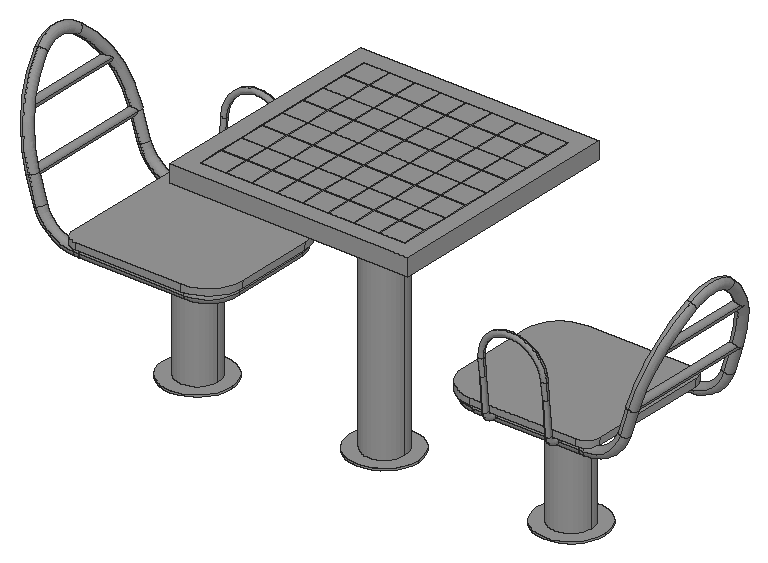
Revit family "12958 Комплект шахматный «Лудум-1» Хоббика", category Антураж, Revit 2018
Family settings
  На основе рабочей плоскости = Нет
  Всегда вертикально = Да
  При загрузке вырезать с полостями = Нет
  Источник визуального образа = Геометрия семейства
  Общий = Нет
  Точка расчета площади = Нет
Parameters (values of type "Комплект шахматный «Лудум-1»")
  Ширина = 700 mm  # constant formula
  Цвет отделки = Дерево
  Цвет основания = Сталь
  Описание = "Комплект шахматный «Лудум-1»"  # constant formula
  Материал изделия = "ФСФ, сталь"  # constant formula
  Изображение типоразмера = Комплект шахматный «Лудум-1» Арт 12958.jpg
  Изготовитель = "ООО «Хоббика»"  # constant formula
  Длина = 1956 mm  # constant formula
  Группа модели = "Садовые столы"  # constant formula
  Высота = 780 mm  # constant formula
  Артикул товара = "Арт. 12958"  # constant formula
  URL = "https://hobbyka.ru/product/komplekt_shakhmatnyy_ludum1"
Reference planes
  plane 1 "По центру (Вперед/Назад)": y = 0
  plane 2: z = 0
  plane 3 "По центру (Влево/Вправо)": x = 0
  plane 4: x = 1956
  plane 5: y = 700
  plane 6: z = 780
Forms (mm)
  Extrusion 1, solid, material "Сталь" <- "Цвет основания"
    sketch origin (0, 0, 0) x (1, 0, 0) y (0, 1, 0)
      loop
        circle (978, 350) r 60
    from 5 to 730
  Extrusion 2, solid, material "Сталь" <- "Цвет основания"
    sketch origin (0, 0, 0) x (1, 0, 0) y (0, 1, 0)
      loop
        circle (978, 350) r 100
    from 0 to 5
  Extrusion 3, solid, material "Дерево" <- "Цвет отделки"
    sketch origin (0, 0, 0) x (1, 0, 0) y (0, 1, 0)
      loop
        line (628, 700) -> (628, 0) -> (1328, 0) -> (1328, 700) -> (628, 700)
    from 730 to 780
  Extrusion 4, void
    sketch origin (0, 0, 0) x (1, 0, 0) y (0, 1, 0)
      loop
        line (678, 650) -> (678, 50) -> (1278, 50) -> (1278, 650) -> (678, 650)
    from 765 to 780
  Extrusion 5, solid, material "Белый"
    sketch origin (0, 0, 0) x (1, 0, 0) y (0, 1, 0)
      loop
        line (753, 650) -> (678, 650) -> (678, 575) -> (753, 575) -> (753, 650)
      loop
        line (903, 650) -> (828, 650) -> (828, 575) -> (903, 575) -> (903, 650)
      loop
        line (1053, 650) -> (978, 650) -> (978, 575) -> (1053, 575) -> (1053, 650)
      loop
        line (1203, 650) -> (1128, 650) -> (1128, 575) -> (1203, 575) -> (1203, 650)
      loop
        line (753, 500) -> (678, 500) -> (678, 425) -> (753, 425) -> (753, 500)
      loop
        line (903, 500) -> (828, 500) -> (828, 425) -> (903, 425) -> (903, 500)
      loop
        line (1053, 500) -> (978, 500) -> (978, 425) -> (1053, 425) -> (1053, 500)
      loop
        line (1203, 500) -> (1128, 500) -> (1128, 425) -> (1203, 425) -> (1203, 500)
      loop
        line (753, 350) -> (678, 350) -> (678, 275) -> (753, 275) -> (753, 350)
      loop
        line (903, 350) -> (828, 350) -> (828, 275) -> (903, 275) -> (903, 350)
      loop
        line (1053, 350) -> (978, 350) -> (978, 275) -> (1053, 275) -> (1053, 350)
      loop
        line (1203, 350) -> (1128, 350) -> (1128, 275) -> (1203, 275) -> (1203, 350)
      loop
        line (753, 200) -> (678, 200) -> (678, 125) -> (753, 125) -> (753, 200)
      loop
        line (903, 200) -> (828, 200) -> (828, 125) -> (903, 125) -> (903, 200)
      loop
        line (1053, 200) -> (978, 200) -> (978, 125) -> (1053, 125) -> (1053, 200)
      loop
        line (1203, 200) -> (1128, 200) -> (1128, 125) -> (1203, 125) -> (1203, 200)
    from 765 to 780
  Extrusion 6, solid, material "Белый"
    sketch origin (75, -75, 0) x (1, 0, 0) y (0, 1, 0)
      loop
        line (753, 650) -> (678, 650) -> (678, 575) -> (753, 575) -> (753, 650)
      loop
        line (903, 650) -> (828, 650) -> (828, 575) -> (903, 575) -> (903, 650)
      loop
        line (1053, 650) -> (978, 650) -> (978, 575) -> (1053, 575) -> (1053, 650)
      loop
        line (1203, 650) -> (1128, 650) -> (1128, 575) -> (1203, 575) -> (1203, 650)
      loop
        line (753, 500) -> (678, 500) -> (678, 425) -> (753, 425) -> (753, 500)
      loop
        line (903, 500) -> (828, 500) -> (828, 425) -> (903, 425) -> (903, 500)
      loop
        line (1053, 500) -> (978, 500) -> (978, 425) -> (1053, 425) -> (1053, 500)
      loop
        line (1203, 500) -> (1128, 500) -> (1128, 425) -> (1203, 425) -> (1203, 500)
      loop
        line (753, 350) -> (678, 350) -> (678, 275) -> (753, 275) -> (753, 350)
      loop
        line (903, 350) -> (828, 350) -> (828, 275) -> (903, 275) -> (903, 350)
      loop
        line (1053, 350) -> (978, 350) -> (978, 275) -> (1053, 275) -> (1053, 350)
      loop
        line (1203, 350) -> (1128, 350) -> (1128, 275) -> (1203, 275) -> (1203, 350)
      loop
        line (753, 200) -> (678, 200) -> (678, 125) -> (753, 125) -> (753, 200)
      loop
        line (903, 200) -> (828, 200) -> (828, 125) -> (903, 125) -> (903, 200)
      loop
        line (1053, 200) -> (978, 200) -> (978, 125) -> (1053, 125) -> (1053, 200)
      loop
        line (1203, 200) -> (1128, 200) -> (1128, 125) -> (1203, 125) -> (1203, 200)
    from 765 to 780
  Extrusion 7, solid, material "Черный"
    sketch origin (75, 0, 0) x (1, 0, 0) y (0, 1, 0)
      loop
        line (753, 650) -> (678, 650) -> (678, 575) -> (753, 575) -> (753, 650)
      loop
        line (903, 650) -> (828, 650) -> (828, 575) -> (903, 575) -> (903, 650)
      loop
        line (1053, 650) -> (978, 650) -> (978, 575) -> (1053, 575) -> (1053, 650)
      loop
        line (1203, 650) -> (1128, 650) -> (1128, 575) -> (1203, 575) -> (1203, 650)
      loop
        line (753, 500) -> (678, 500) -> (678, 425) -> (753, 425) -> (753, 500)
      loop
        line (903, 500) -> (828, 500) -> (828, 425) -> (903, 425) -> (903, 500)
      loop
        line (1053, 500) -> (978, 500) -> (978, 425) -> (1053, 425) -> (1053, 500)
      loop
        line (1203, 500) -> (1128, 500) -> (1128, 425) -> (1203, 425) -> (1203, 500)
      loop
        line (753, 350) -> (678, 350) -> (678, 275) -> (753, 275) -> (753, 350)
      loop
        line (903, 350) -> (828, 350) -> (828, 275) -> (903, 275) -> (903, 350)
      loop
        line (1053, 350) -> (978, 350) -> (978, 275) -> (1053, 275) -> (1053, 350)
      loop
        line (1203, 350) -> (1128, 350) -> (1128, 275) -> (1203, 275) -> (1203, 350)
      loop
        line (753, 200) -> (678, 200) -> (678, 125) -> (753, 125) -> (753, 200)
      loop
        line (903, 200) -> (828, 200) -> (828, 125) -> (903, 125) -> (903, 200)
      loop
        line (1053, 200) -> (978, 200) -> (978, 125) -> (1053, 125) -> (1053, 200)
      loop
        line (1203, 200) -> (1128, 200) -> (1128, 125) -> (1203, 125) -> (1203, 200)
    from 765 to 780
  Extrusion 8, solid, material "Черный"
    sketch origin (0, -75, 0) x (1, 0, 0) y (0, 1, 0)
      loop
        line (753, 650) -> (678, 650) -> (678, 575) -> (753, 575) -> (753, 650)
      loop
        line (903, 650) -> (828, 650) -> (828, 575) -> (903, 575) -> (903, 650)
      loop
        line (1053, 650) -> (978, 650) -> (978, 575) -> (1053, 575) -> (1053, 650)
      loop
        line (1203, 650) -> (1128, 650) -> (1128, 575) -> (1203, 575) -> (1203, 650)
      loop
        line (753, 500) -> (678, 500) -> (678, 425) -> (753, 425) -> (753, 500)
      loop
        line (903, 500) -> (828, 500) -> (828, 425) -> (903, 425) -> (903, 500)
      loop
        line (1053, 500) -> (978, 500) -> (978, 425) -> (1053, 425) -> (1053, 500)
      loop
        line (1203, 500) -> (1128, 500) -> (1128, 425) -> (1203, 425) -> (1203, 500)
      loop
        line (753, 350) -> (678, 350) -> (678, 275) -> (753, 275) -> (753, 350)
      loop
        line (903, 350) -> (828, 350) -> (828, 275) -> (903, 275) -> (903, 350)
      loop
        line (1053, 350) -> (978, 350) -> (978, 275) -> (1053, 275) -> (1053, 350)
      loop
        line (1203, 350) -> (1128, 350) -> (1128, 275) -> (1203, 275) -> (1203, 350)
      loop
        line (753, 200) -> (678, 200) -> (678, 125) -> (753, 125) -> (753, 200)
      loop
        line (903, 200) -> (828, 200) -> (828, 125) -> (903, 125) -> (903, 200)
      loop
        line (1053, 200) -> (978, 200) -> (978, 125) -> (1053, 125) -> (1053, 200)
      loop
        line (1203, 200) -> (1128, 200) -> (1128, 125) -> (1203, 125) -> (1203, 200)
    from 765 to 780
  Extrusion 9, solid, material "Сталь" <- "Цвет основания"
    sketch origin (115, 0, 0) x (1, 0, 0) y (0, 1, 0)
      loop
        circle (314, 350) r 60
    from 5 to 360
  Extrusion 10, solid, material "Дерево" <- "Цвет отделки"
    sketch origin (115, 0, 0) x (1, 0, 0) y (0, 1, 0)
      loop
        arc (128.548, 565) -> (100.264, 553.284) -> (88.548, 525) r 40
        line (88.548, 525) -> (88.548, 175)
        arc (88.548, 175) -> (100.264, 146.716) -> (128.548, 135) r 40
        line (128.548, 135) -> (438.548, 135)
        arc (438.548, 135) -> (509.259, 164.289) -> (538.548, 235) r 100
        line (538.548, 235) -> (538.548, 465)
        arc (538.548, 465) -> (509.259, 535.711) -> (438.548, 565) r 100
        line (438.548, 565) -> (128.548, 565)
    from 360 to 379
  Sweep 11, solid, material "Сталь" <- "Цвет основания"
    path origin (115, 0, 0) x (1, 0, 0) y (0, 1, 0)
      loop
        line (128.548, 160) -> (438.548, 160)
        arc (438.548, 160) -> (491.581, 181.967) -> (513.548, 235) r 75
        line (513.548, 235) -> (513.548, 465)
        arc (513.548, 465) -> (491.581, 518.033) -> (438.548, 540) r 75
        line (438.548, 540) -> (128.548, 540)
    profile origin (398.548, 540, 0) x (0, -1, 0) y (0, 0, 1)
      loop
        circle (0, 345) r 15
  Sweep 12, solid, material "Сталь" <- "Цвет основания"
    path origin (115, 0, 0) x (1, 0, 0) y (0, 0, 1)
      loop
        line (128.548, 360) -> (114.515, 360)
        arc (114.515, 360) -> (55.033, 379.614) -> (18.885, 430.763) r 100
        line (18.885, 430.763) -> (-4.148, 506.1)
    profile origin (236.532, 0, 360) x (0, 0, -1) y (0, -1, 0)
      loop
        circle (15, -160) r 15
      loop
        circle (15, -540) r 15
  Sweep 13, solid, material "Сталь" <- "Цвет основания"
    path origin (269.492, 0, 15.681) x (0, 1, 0) y (-0.292372, 0, 0.956305)
      loop
        arc (555, 515.372) -> (520.745, 662.79) -> (425, 780) r 334.338
        arc (425, 780) -> (350, 805.586) -> (275, 780) r 122.715
        arc (275, 780) -> (179.255, 662.79) -> (145, 515.372) r 334.338
    profile origin (33.961, 350, 786.067) x (0.292372, 0, -0.956305) y (0.956305, 0, 0.292372)
      loop
        circle (15, -23.324) r 15
  Extrusion 14, solid, material "Сталь" <- "Цвет основания"
    sketch origin (115, 0, 0) x (1, 0, 0) y (0, 1, 0)
      loop
        circle (314, 350) r 60
    from 5 to 360
  Extrusion 15, solid, material "Сталь" <- "Цвет основания"
    sketch origin (115, 0, 0) x (1, 0, 0) y (0, 1, 0)
      loop
        circle (314, 350) r 100
    from 0 to 5
  Extrusion 16, solid, material "Сталь" <- "Цвет основания"
    sketch origin (0, 0, 0) x (1, 0, 0) y (0, 0, 1)
      loop
        circle (96.507, 501.715) r 12
    from -160.401 to -541.33
  Extrusion 17, solid, material "Сталь" <- "Цвет основания"
    sketch origin (0, 0, 0) x (1, 0, 0) y (0, 0, 1)
      loop
        circle (52.651, 645.16) r 12
    from -200 to -500
  Sweep 18, solid, material "Сталь" <- "Цвет основания"
    path origin (0, 0, 0) x (0, 1, 0) y (0, 0, 1)
      loop
        line (554.266, 360) -> (564.404, 360)
        arc (564.404, 360) -> (577.915, 365.254) -> (584.328, 378.257) r 20
        line (584.328, 378.257) -> (593.043, 477.876)
    profile origin (0, 559.335, 360) x (0, 0, 1) y (1, 0, 0)
      loop
        circle (-7.5, 303.548) r 7.5
      loop
        circle (-7.5, 488.548) r 7.5
  Sweep 19, solid, material "Сталь" <- "Цвет основания"
    path origin (0, -39.251, 54.805) x (1, 0, 0) y (0, 0.087156, 0.996195)
      loop
        line (303.548, 476.569) -> (303.548, 526.569)
        arc (303.548, 526.569) -> (396.048, 619.069) -> (488.548, 526.569) r 92.5
        line (488.548, 526.569) -> (488.548, 476.569)
    profile origin (303.548, 4.464, 554.466) x (-1, 0, 0) y (0, -0.996195, 0.087156)
      loop
        circle (0, -600.515) r 7.5
  Extrusion 20, solid, material "Сталь" <- "Цвет основания"
    sketch origin (1841, 700, 0) x (-1, 0, 0) y (0, -1, 0)
      loop
        circle (314, 350) r 60
    from 5 to 360
  Extrusion 21, solid, material "Дерево" <- "Цвет отделки"
    sketch origin (1841, 700, 0) x (-1, 0, 0) y (0, -1, 0)
      loop
        arc (128.548, 565) -> (100.264, 553.284) -> (88.548, 525) r 40
        line (88.548, 525) -> (88.548, 175)
        arc (88.548, 175) -> (100.264, 146.716) -> (128.548, 135) r 40
        line (128.548, 135) -> (438.548, 135)
        arc (438.548, 135) -> (509.259, 164.289) -> (538.548, 235) r 100
        line (538.548, 235) -> (538.548, 465)
        arc (538.548, 465) -> (509.259, 535.711) -> (438.548, 565) r 100
        line (438.548, 565) -> (128.548, 565)
    from 360 to 379
  Sweep 22, solid, material "Сталь" <- "Цвет основания"
    path origin (1841, 700, 0) x (-1, 0, 0) y (0, -1, 0)
      loop
        line (128.548, 160) -> (438.548, 160)
        arc (438.548, 160) -> (491.581, 181.967) -> (513.548, 235) r 75
        line (513.548, 235) -> (513.548, 465)
        arc (513.548, 465) -> (491.581, 518.033) -> (438.548, 540) r 75
        line (438.548, 540) -> (128.548, 540)
    profile origin (1557.452, 160, 0) x (0, 1, 0) y (0, 0, 1)
      loop
        circle (0, 345) r 15
  Sweep 23, solid, material "Сталь" <- "Цвет основания"
    path origin (1841, 700, 0) x (-1, 0, 0) y (0, 0, 1)
      loop
        line (128.548, 360) -> (114.515, 360)
        arc (114.515, 360) -> (55.033, 379.614) -> (18.885, 430.763) r 100
        line (18.885, 430.763) -> (-4.148, 506.1)
    profile origin (1719.468, 700, 360) x (0, 0, -1) y (0, 1, 0)
      loop
        circle (15, -160) r 15
      loop
        circle (15, -540) r 15
  Sweep 24, solid, material "Сталь" <- "Цвет основания"
    path origin (1686.508, 700, 15.681) x (0, -1, 0) y (0.292372, 0, 0.956305)
      loop
        arc (555, 515.372) -> (520.745, 662.79) -> (425, 780) r 334.338
        arc (425, 780) -> (350, 805.586) -> (275, 780) r 122.715
        arc (275, 780) -> (179.255, 662.79) -> (145, 515.372) r 334.338
    profile origin (1922.039, 350, 786.067) x (-0.292372, 0, -0.956305) y (-0.956305, 0, 0.292372)
      loop
        circle (15, -23.324) r 15
  Extrusion 25, solid, material "Сталь" <- "Цвет основания"
    sketch origin (1841, 700, 0) x (-1, 0, 0) y (0, -1, 0)
      loop
        circle (314, 350) r 60
    from 5 to 360
  Extrusion 26, solid, material "Сталь" <- "Цвет основания"
    sketch origin (1841, 700, 0) x (-1, 0, 0) y (0, -1, 0)
      loop
        circle (314, 350) r 100
    from 0 to 5
  Extrusion 27, solid, material "Сталь" <- "Цвет основания"
    sketch origin (1956, 700, 0) x (-1, 0, 0) y (0, 0, 1)
      loop
        circle (96.507, 501.715) r 12
    from -160.401 to -541.33
  Extrusion 28, solid, material "Сталь" <- "Цвет основания"
    sketch origin (1956, 700, 0) x (-1, 0, 0) y (0, 0, 1)
      loop
        circle (52.651, 645.16) r 12
    from -200 to -500
  Sweep 29, solid, material "Сталь" <- "Цвет основания"
    path origin (1956, 700, 0) x (0, -1, 0) y (0, 0, 1)
      loop
        line (554.266, 360) -> (564.404, 360)
        arc (564.404, 360) -> (577.915, 365.254) -> (584.328, 378.257) r 20
        line (584.328, 378.257) -> (593.043, 477.876)
    profile origin (1956, 140.665, 360) x (0, 0, 1) y (-1, 0, 0)
      loop
        circle (-7.5, 303.548) r 7.5
      loop
        circle (-7.5, 488.548) r 7.5
  Sweep 30, solid, material "Сталь" <- "Цвет основания"
    path origin (1956, 739.251, 54.805) x (-1, 0, 0) y (0, -0.087156, 0.996195)
      loop
        line (303.548, 476.569) -> (303.548, 526.569)
        arc (303.548, 526.569) -> (396.048, 619.069) -> (488.548, 526.569) r 92.5
        line (488.548, 526.569) -> (488.548, 476.569)
    profile origin (1652.452, 695.536, 554.466) x (1, 0, 0) y (0, 0.996195, 0.087156)
      loop
        circle (0, -600.515) r 7.5
Cuts and joins
  Extrusion 4 cuts Extrusion 1
  Extrusion 4 cuts Extrusion 2
  Extrusion 4 cuts Extrusion 3
  joined: Sweep 12, Sweep 13, Extrusion 16, Extrusion 17
  joined: Sweep 18, Sweep 19
Dimensions and locks
  "Длина": plane 3 "По центру (Влево/Вправо)" to plane 4
  "Ширина": plane 5 to plane 1 "По центру (Вперед/Назад)"
  "Высота": plane 6 to plane 2
  aligned and locked: level to plane 2
Automatic sketch dimensions
  Extrusion 1 sketch curve to plane 1 "По центру (Вперед/Назад)" = 350 mm
  plane 3 "По центру (Влево/Вправо)" to Extrusion 1 sketch curve = 978 mm
  Extrusion 2 sketch curve to plane 1 "По центру (Вперед/Назад)" = 350 mm
  plane 3 "По центру (Влево/Вправо)" to Extrusion 2 sketch curve = 978 mm
  Extrusion 3 sketch curve to plane 5 = 0 mm
  plane 1 "По центру (Вперед/Назад)" to Extrusion 3 sketch curve = 0 mm
  plane 3 "По центру (Влево/Вправо)" to Extrusion 3 sketch curve = 628 mm
  Extrusion 3 sketch curve to plane 4 = 628 mm
  Extrusion 4 sketch curve to plane 5 = 50 mm
  plane 3 "По центру (Влево/Вправо)" to Extrusion 4 sketch curve = 678 mm
  Extrusion 4 sketch curve to plane 1 "По центру (Вперед/Назад)" = 50 mm
  Extrusion 4 sketch curve to Extrusion 4 sketch curve = 600 mm
  Extrusion 5 sketch curve to plane 5 = 200 mm  (x2)
  plane 3 "По центру (Влево/Вправо)" to Extrusion 5 sketch curve = 678 mm
  Extrusion 5 sketch curve to plane 5 = 50 mm  (x4)
  Extrusion 5 sketch curve to Extrusion 5 sketch curve = 0 mm  (x16)
  Extrusion 5 sketch curve to Extrusion 5 sketch curve = 75 mm  (x41)
  Extrusion 6 sketch curve to plane 5 = 275 mm
  plane 3 "По центру (Влево/Вправо)" to Extrusion 6 sketch curve = 753 mm
  Extrusion 6 sketch curve to Extrusion 6 sketch curve = 0 mm  (x10)
  Extrusion 6 sketch curve to plane 1 "По центру (Вперед/Назад)" = 50 mm  (x4)
  Extrusion 6 sketch curve to Extrusion 6 sketch curve = 75 mm  (x48)
  Extrusion 7 sketch curve to plane 5 = 200 mm  (x2)
  plane 3 "По центру (Влево/Вправо)" to Extrusion 7 sketch curve = 753 mm
  Extrusion 7 sketch curve to plane 5 = 50 mm  (x4)
  Extrusion 7 sketch curve to Extrusion 7 sketch curve = 0 mm  (x15)
  Extrusion 7 sketch curve to Extrusion 7 sketch curve = 75 mm  (x42)
  Extrusion 8 sketch curve to plane 5 = 275 mm
  plane 3 "По центру (Влево/Вправо)" to Extrusion 8 sketch curve = 678 mm
  Extrusion 8 sketch curve to Extrusion 8 sketch curve = 0 mm  (x10)
  Extrusion 8 sketch curve to plane 1 "По центру (Вперед/Назад)" = 50 mm  (x4)
  Extrusion 8 sketch curve to Extrusion 8 sketch curve = 75 mm  (x48)
  plane 3 "По центру (Влево/Вправо)" to Extrusion 9 sketch curve = 429 mm
  Extrusion 9 sketch curve to plane 1 "По центру (Вперед/Назад)" = 350 mm
  plane 3 "По центру (Влево/Вправо)" to Extrusion 10 sketch curve = 203.548 mm
  Extrusion 10 sketch curve to Extrusion 10 sketch curve = 40 mm  (x2)
  Extrusion 10 sketch curve to plane 5 = 135 mm
  Extrusion 10 sketch curve to Extrusion 10 sketch curve = 310 mm  (x2)
  Extrusion 10 sketch curve to plane 1 "По центру (Вперед/Назад)" = 135 mm
  Extrusion 10 sketch curve to Extrusion 10 sketch curve = 100 mm
  plane 3 "По центру (Влево/Вправо)" to Sweep 11 sketch curve = 553.548 mm
  Sweep 11 sketch curve to Sweep 11 sketch curve = 0 mm
  Sweep 11 sketch curve to Sweep 11 sketch curve = 75 mm
  Sweep 11 sketch curve to plane 1 "По центру (Вперед/Назад)" = 160 mm
  Sweep 11 sketch curve to Sweep 11 sketch curve = 230 mm
  plane 3 "По центру (Влево/Вправо)" to Sweep 11 sketch curve = 243.548 mm  (x2)
  Sweep 11 sketch curve to profile plane = 0 mm
  level to Sweep 11 sketch curve = 345 mm
  plane 3 "По центру (Влево/Вправо)" to Sweep 12 sketch curve = 133.885 mm
  Sweep 12 sketch curve to Sweep 12 sketch curve = 95.63 mm
  level to Sweep 12 sketch curve = 360 mm
  Sweep 12 sketch curve to Sweep 12 sketch curve = 70.763 mm
  Sweep 12 sketch curve to Sweep 12 sketch curve = 23.033 mm
  Sweep 12 sketch curve to Sweep 12 sketch curve = 14.033 mm
  Sweep 12 sketch curve to Sweep 12 sketch curve = 75.337 mm
  Sweep 12 sketch curve to Sweep 12 sketch curve = 0 mm  (x4)
  Sweep 12 sketch curve to profile plane = 15 mm  (x2)
  Sweep 12 sketch curve to plane 1 "По центру (Вперед/Назад)" = 540 mm
  Sweep 12 sketch curve to plane 1 "По центру (Вперед/Назад)" = 160 mm
  Sweep 12 sketch curve to Sweep 12 sketch curve = 15 mm  (x2)
  Sweep 13 sketch curve to plane 1 "По центру (Вперед/Назад)" = 220.662 mm
  Sweep 13 sketch curve to Sweep 13 sketch curve = 129.338 mm  (x2)
  Sweep 13 sketch curve to Sweep 13 sketch curve = 0 mm  (x3)
  Sweep 13 sketch curve to Sweep 13 sketch curve = 167.499 mm
  Sweep 13 sketch curve to Sweep 13 sketch curve = 75.662 mm
  Sweep 13 sketch curve to profile plane = 15 mm
  Sweep 13 sketch curve to profile plane = 23.324 mm
  plane 3 "По центру (Влево/Вправо)" to Extrusion 14 sketch curve = 429 mm
  Extrusion 14 sketch curve to plane 1 "По центру (Вперед/Назад)" = 350 mm
  plane 3 "По центру (Влево/Вправо)" to Extrusion 15 sketch curve = 429 mm
  Extrusion 15 sketch curve to plane 1 "По центру (Вперед/Назад)" = 350 mm
  plane 3 "По центру (Влево/Вправо)" to Extrusion 16 sketch curve = 96.507 mm
  Extrusion 16 sketch curve to plane 6 = 278.285 mm
  plane 3 "По центру (Влево/Вправо)" to Extrusion 17 sketch curve = 52.651 mm
  Extrusion 17 sketch curve to plane 6 = 134.84 mm
  profile plane to Sweep 18 sketch curve = 7.5 mm  (x2)
  plane 3 "По центру (Влево/Вправо)" to Sweep 18 sketch curve = 303.548 mm
  Sweep 18 sketch curve to Sweep 18 sketch curve = 185 mm
  level to Sweep 18 sketch curve = 360 mm
  Sweep 18 sketch curve to Sweep 18 sketch curve = 18.257 mm
  Sweep 18 sketch curve to plane 5 = 135.596 mm
  Sweep 18 sketch curve to Sweep 18 sketch curve = 19.924 mm
  Sweep 18 sketch curve to Sweep 18 sketch curve = 10.138 mm
  Sweep 18 sketch curve to plane 5 = 106.957 mm
  Sweep 18 sketch curve to Sweep 18 sketch curve = 99.619 mm
  plane 3 "По центру (Влево/Вправо)" to Sweep 19 sketch curve = 303.548 mm
  Sweep 19 sketch curve to Sweep 19 sketch curve = 92.5 mm
  Sweep 19 sketch curve to Sweep 19 sketch curve = 50 mm  (x2)
  Sweep 19 sketch curve to profile plane = 0 mm
  Sweep 19 sketch curve to profile plane = 600.515 mm
  Extrusion 20 sketch curve to plane 4 = 429 mm
  Extrusion 20 sketch curve to plane 1 "По центру (Вперед/Назад)" = 350 mm
  Extrusion 21 sketch curve to plane 4 = 203.548 mm
  Extrusion 21 sketch curve to Extrusion 21 sketch curve = 40 mm  (x2)
  Extrusion 21 sketch curve to plane 1 "По центру (Вперед/Назад)" = 135 mm
  Extrusion 21 sketch curve to Extrusion 21 sketch curve = 310 mm  (x2)
  Extrusion 21 sketch curve to plane 5 = 135 mm
  Extrusion 21 sketch curve to Extrusion 21 sketch curve = 100 mm
  Sweep 22 sketch curve to plane 4 = 553.548 mm
  Sweep 22 sketch curve to Sweep 22 sketch curve = 0 mm
  Sweep 22 sketch curve to Sweep 22 sketch curve = 75 mm
  Sweep 22 sketch curve to plane 5 = 160 mm
  Sweep 22 sketch curve to Sweep 22 sketch curve = 230 mm
  Sweep 22 sketch curve to plane 4 = 243.548 mm  (x2)
  Sweep 22 sketch curve to profile plane = 0 mm
  level to Sweep 22 sketch curve = 345 mm
  Sweep 23 sketch curve to plane 4 = 133.885 mm
  Sweep 23 sketch curve to Sweep 23 sketch curve = 95.63 mm
  level to Sweep 23 sketch curve = 360 mm
  Sweep 23 sketch curve to Sweep 23 sketch curve = 70.763 mm
  Sweep 23 sketch curve to Sweep 23 sketch curve = 23.033 mm
  Sweep 23 sketch curve to Sweep 23 sketch curve = 14.033 mm
  Sweep 23 sketch curve to Sweep 23 sketch curve = 75.337 mm
  Sweep 23 sketch curve to Sweep 23 sketch curve = 0 mm  (x4)
  Sweep 23 sketch curve to profile plane = 15 mm  (x2)
  Sweep 23 sketch curve to profile plane = 540 mm
  Sweep 23 sketch curve to profile plane = 160 mm
  Sweep 23 sketch curve to Sweep 23 sketch curve = 15 mm  (x2)
  Sweep 24 sketch curve to plane 5 = 220.662 mm
  Sweep 24 sketch curve to Sweep 24 sketch curve = 129.338 mm  (x2)
  Sweep 24 sketch curve to Sweep 24 sketch curve = 0 mm  (x3)
  Sweep 24 sketch curve to Sweep 24 sketch curve = 167.499 mm
  Sweep 24 sketch curve to Sweep 24 sketch curve = 75.662 mm
  Sweep 24 sketch curve to profile plane = 15 mm
  Sweep 24 sketch curve to profile plane = 23.324 mm
  Extrusion 25 sketch curve to plane 4 = 429 mm
  Extrusion 25 sketch curve to plane 1 "По центру (Вперед/Назад)" = 350 mm
  Extrusion 26 sketch curve to plane 4 = 429 mm
  Extrusion 26 sketch curve to plane 1 "По центру (Вперед/Назад)" = 350 mm
  Extrusion 27 sketch curve to plane 4 = 96.507 mm
  Extrusion 27 sketch curve to plane 6 = 278.285 mm
  Extrusion 28 sketch curve to plane 4 = 52.651 mm
  Extrusion 28 sketch curve to plane 6 = 134.84 mm
  Sweep 29 sketch curve to plane 1 "По центру (Вперед/Назад)" = 135.596 mm
  Sweep 29 sketch curve to Sweep 29 sketch curve = 19.924 mm
  level to Sweep 29 sketch curve = 360 mm
  Sweep 29 sketch curve to Sweep 29 sketch curve = 18.257 mm
  Sweep 29 sketch curve to Sweep 29 sketch curve = 10.138 mm
  Sweep 29 sketch curve to Sweep 29 sketch curve = 8.716 mm
  Sweep 29 sketch curve to Sweep 29 sketch curve = 99.619 mm
  profile plane to Sweep 29 sketch curve = 7.5 mm  (x2)
  profile plane to Sweep 29 sketch curve = 303.548 mm
  Sweep 29 sketch curve to Sweep 29 sketch curve = 185 mm
  Sweep 30 sketch curve to plane 4 = 303.548 mm
  Sweep 30 sketch curve to Sweep 30 sketch curve = 92.5 mm
  Sweep 30 sketch curve to Sweep 30 sketch curve = 50 mm  (x2)
  Sweep 30 sketch curve to profile plane = 0 mm
  Sweep 30 sketch curve to profile plane = 600.515 mm
  radius of Extrusion 1 sketch curve = 60 mm
  radius of Extrusion 2 sketch curve = 100 mm
  radius of Extrusion 9 sketch curve = 60 mm
  radius of Sweep 11 sketch curve = 15 mm
  radius of Sweep 13 sketch curve = 15 mm
  radius of Extrusion 14 sketch curve = 60 mm
  radius of Extrusion 15 sketch curve = 100 mm
  radius of Extrusion 16 sketch curve = 12 mm
  radius of Extrusion 17 sketch curve = 12 mm
  radius of Sweep 18 sketch curve = 7.5 mm  (x2)
  radius of Sweep 19 sketch curve = 7.5 mm
  radius of Extrusion 20 sketch curve = 60 mm
  radius of Sweep 22 sketch curve = 15 mm
  radius of Sweep 24 sketch curve = 15 mm
  radius of Extrusion 25 sketch curve = 60 mm
  radius of Extrusion 26 sketch curve = 100 mm
  radius of Extrusion 27 sketch curve = 12 mm
  radius of Extrusion 28 sketch curve = 12 mm
  radius of Sweep 29 sketch curve = 7.5 mm  (x2)
  radius of Sweep 30 sketch curve = 7.5 mm
